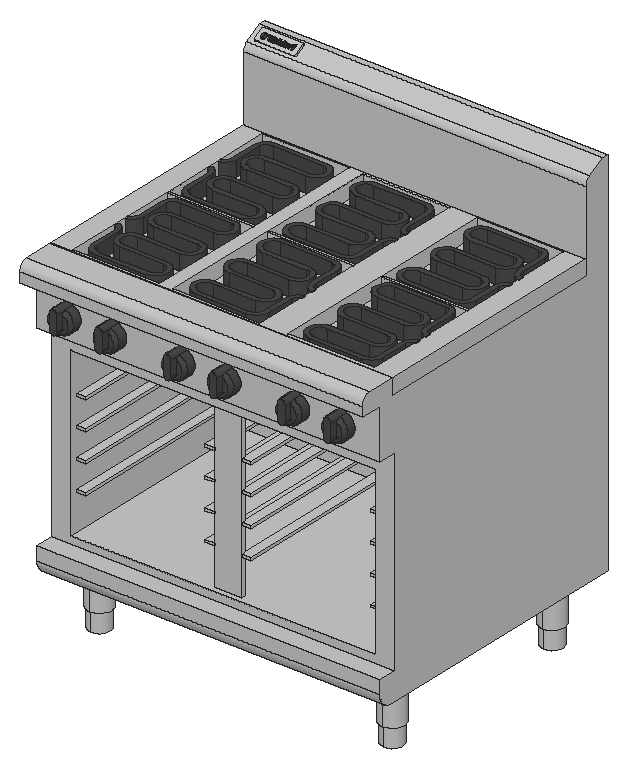
Revit family "QF_MOFFAT WALDORF_RN8600E-CB", category Specialty Equipment, Revit 2012 (continued)
Automatic sketch dimensions
  Extrusion 12 sketch curve to plane 6 "TOP" = 306.0 mm
  plane 4 "RIGHT" to Extrusion 12 sketch curve = 100.0 mm
  Extrusion 12 sketch curve to Extrusion 12 sketch curve = 10.0 mm
  Extrusion 12 sketch curve to plane 6 "TOP" = 344.997 mm
  Revolve 13 sketch curve to plane 5 "FRONT" = 12.0 mm
  Revolve 13 sketch curve to Revolve 13 sketch curve = 0.0 mm  (x2)
  Revolve 13 sketch curve to Revolve 13 sketch curve = 11.0 mm
  Revolve 13 sketch curve to Revolve 13 sketch curve = 12.7 mm
  Revolve 13 sketch curve to Revolve 13 sketch curve = 23.0 mm
  Revolve 13 sketch curve to Revolve 13 sketch curve = 10.0 mm
  Revolve 13 sketch curve to plane 6 "TOP" = 300.627 mm
  Revolve 13 sketch curve to plane 6 "TOP" = 306.475 mm
  Revolve 13 sketch curve to plane 6 "TOP" = 328.127 mm
  Revolve 13 sketch curve to plane 6 "TOP" = 333.127 mm
  Extrusion 14 sketch curve to plane 6 "TOP" = 306.0 mm
  plane 4 "RIGHT" to Extrusion 14 sketch curve = 200.0 mm
  Extrusion 14 sketch curve to Extrusion 14 sketch curve = 10.0 mm
  Extrusion 14 sketch curve to plane 6 "TOP" = 345.0 mm
  Extrusion 1 to Split face 2 sketch curve = 5.177 mm
  Split face 2 sketch curve to Extrusion 1 = 9.153 mm
  Split face 2 sketch curve to Extrusion 1 = 204.563 mm
  Split face 2 sketch curve to Split face 2 sketch curve = 20.0 mm
  Extrusion 1 to Split face 3 sketch curve = 5.177 mm
  Split face 3 sketch curve to Extrusion 1 = 9.153 mm
  Split face 3 sketch curve to Extrusion 1 = 254.563 mm
  Split face 3 sketch curve to Split face 3 sketch curve = 20.0 mm
  Extrusion 1 to Split face 4 sketch curve = 5.177 mm
  Split face 4 sketch curve to Extrusion 1 = 9.153 mm
  Split face 4 sketch curve to Extrusion 1 = 304.563 mm
  Split face 4 sketch curve to Split face 4 sketch curve = 20.0 mm
  Extrusion 1 to Split face 5 sketch curve = 5.177 mm
  Split face 5 sketch curve to Extrusion 1 = 9.153 mm
  Split face 5 sketch curve to Extrusion 1 = 354.563 mm
  Split face 5 sketch curve to Split face 5 sketch curve = 20.0 mm
  Extrusion 1 to Split face 6 sketch curve = 5.177 mm
  Split face 6 sketch curve to Extrusion 1 = 9.153 mm
  Split face 6 sketch curve to Extrusion 1 = 404.563 mm
  Split face 6 sketch curve to Split face 6 sketch curve = 20.0 mm
  Extrusion 1 to Split face 7 sketch curve = 5.177 mm
  Split face 7 sketch curve to Extrusion 1 = 9.153 mm
  Split face 7 sketch curve to Extrusion 1 = 445.437 mm
  Split face 7 sketch curve to Split face 7 sketch curve = 20.0 mm
  Extrusion 1 to Split face 8 sketch curve = 5.177 mm
  Split face 8 sketch curve to Extrusion 1 = 9.153 mm
  Split face 8 sketch curve to Extrusion 1 = 395.437 mm
  Split face 8 sketch curve to Split face 8 sketch curve = 20.0 mm
  Extrusion 1 to Split face 9 sketch curve = 5.177 mm
  Split face 9 sketch curve to Extrusion 1 = 9.153 mm
  Split face 9 sketch curve to Extrusion 1 = 345.437 mm
  Split face 9 sketch curve to Split face 9 sketch curve = 20.0 mm
  Extrusion 1 to Split face 10 sketch curve = 5.177 mm
  Split face 10 sketch curve to Extrusion 1 = 9.153 mm
  Split face 10 sketch curve to Extrusion 1 = 295.437 mm
  Split face 10 sketch curve to Split face 10 sketch curve = 20.0 mm
  Extrusion 1 to Split face 11 sketch curve = 5.177 mm
  Split face 11 sketch curve to Extrusion 1 = 9.153 mm
  Split face 11 sketch curve to Extrusion 1 = 245.437 mm
  Split face 11 sketch curve to Split face 11 sketch curve = 20.0 mm
  Extrusion 1 to Split face 12 sketch curve = 5.177 mm
  Split face 12 sketch curve to Extrusion 1 = 9.153 mm
  Split face 12 sketch curve to Extrusion 1 = 195.437 mm
  Split face 12 sketch curve to Split face 12 sketch curve = 20.0 mm
  Extrusion 15 sketch curve to Extrusion 1 = 0.0 mm  (x2)
  Extrusion 1 to Extrusion 15 sketch curve = 0.0 mm
  Extrusion 15 sketch curve to Extrusion 1 = 6.75 mm  (x3)
  Extrusion 15 sketch curve to Extrusion 15 sketch curve = 306.95 mm
  Extrusion 1 to Extrusion 15 sketch curve = 54.0 mm  (x2)
  Extrusion 15 sketch curve to Extrusion 15 sketch curve = 0.0 mm  (x6)
  Extrusion 15 sketch curve to Extrusion 15 sketch curve = 7.6 mm  (x3)
  Extrusion 1 to Extrusion 15 sketch curve = 6.75 mm  (x3)
  Extrusion 1 to Extrusion 15 sketch curve = 1.0 mm
  Extrusion 15 sketch curve to Extrusion 15 sketch curve = 228.75 mm  (x3)
  Extrusion 15 sketch curve to Extrusion 15 sketch curve = 34.5 mm
  Extrusion 15 sketch curve to Extrusion 15 sketch curve = 71.25 mm  (x2)
  Extrusion 16 sketch curve to Extrusion 16 sketch curve = 0.0 mm  (x104)
  Extrusion 1 to Extrusion 16 sketch curve = 20.503 mm  (x3)
  Extrusion 16 sketch curve to Extrusion 16 sketch curve = 11.997 mm  (x6)
  Extrusion 16 sketch curve to Extrusion 16 sketch curve = 19.532 mm  (x6)
  Extrusion 16 sketch curve to Extrusion 16 sketch curve = 0.24 mm  (x6)
  Extrusion 16 sketch curve to Extrusion 16 sketch curve = 0.931 mm  (x10)
  Extrusion 16 sketch curve to Extrusion 16 sketch curve = 0.01 mm  (x6)
  Extrusion 16 sketch curve to Extrusion 16 sketch curve = 21.7 mm  (x30)
  Extrusion 16 sketch curve to Extrusion 16 sketch curve = 0.002 mm  (x6)
  Extrusion 16 sketch curve to Extrusion 16 sketch curve = 70.811 mm  (x6)
  Extrusion 16 sketch curve to Extrusion 16 sketch curve = 0.447 mm  (x6)
  Extrusion 16 sketch curve to Extrusion 16 sketch curve = 0.12 mm  (x6)
  Extrusion 16 sketch curve to Extrusion 16 sketch curve = 19.01 mm  (x6)
  Extrusion 16 sketch curve to Extrusion 16 sketch curve = 12.303 mm  (x6)
  Extrusion 16 sketch curve to Extrusion 16 sketch curve = 21.593 mm  (x6)
  Extrusion 16 sketch curve to Extrusion 16 sketch curve = 12.315 mm  (x6)
  Extrusion 16 sketch curve to Extrusion 16 sketch curve = 18.52 mm  (x6)
  Extrusion 16 sketch curve to Extrusion 16 sketch curve = 0.133 mm  (x6)
  Extrusion 16 sketch curve to Extrusion 16 sketch curve = 0.5 mm  (x2)
  Extrusion 16 sketch curve to Extrusion 16 sketch curve = 19.152 mm  (x4)
  Extrusion 16 sketch curve to Extrusion 16 sketch curve = 20.704 mm  (x8)
  Extrusion 16 sketch curve to Extrusion 16 sketch curve = 0.239 mm  (x6)
  Extrusion 16 sketch curve to Extrusion 16 sketch curve = 16.003 mm  (x3)
  Extrusion 1 to Extrusion 16 sketch curve = 48.333 mm  (x2)
  Extrusion 1 to Extrusion 16 sketch curve = 48.512 mm  (x2)
  Extrusion 16 sketch curve to Extrusion 16 sketch curve = 0.004 mm  (x2)
  Extrusion 16 sketch curve to Extrusion 16 sketch curve = 5.484 mm  (x2)
  Extrusion 16 sketch curve to Extrusion 16 sketch curve = 5.667 mm  (x2)
  Extrusion 16 sketch curve to Extrusion 16 sketch curve = 20.701 mm  (x4)
  Extrusion 16 sketch curve to Extrusion 16 sketch curve = 0.001 mm  (x6)
  Extrusion 16 sketch curve to Extrusion 16 sketch curve = 41.7 mm  (x2)
  Extrusion 16 sketch curve to Extrusion 16 sketch curve = 20.999 mm
  Extrusion 16 sketch curve to Extrusion 16 sketch curve = 112.6 mm  (x5)
  Extrusion 16 sketch curve to Extrusion 16 sketch curve = 130.8 mm  (x2)
  Extrusion 16 sketch curve to Extrusion 16 sketch curve = 19.862 mm  (x4)
  Extrusion 16 sketch curve to Extrusion 16 sketch curve = 0.032 mm  (x2)
  Extrusion 16 sketch curve to Extrusion 16 sketch curve = 19.894 mm  (x2)
  Extrusion 16 sketch curve to Extrusion 16 sketch curve = 0.226 mm  (x4)
  Extrusion 16 sketch curve to Extrusion 16 sketch curve = 0.258 mm  (x4)
  Extrusion 16 sketch curve to Extrusion 16 sketch curve = 0.879 mm  (x8)
  Extrusion 16 sketch curve to Extrusion 16 sketch curve = 14.293 mm
  Extrusion 16 sketch curve to Extrusion 16 sketch curve = 133.7 mm
  Extrusion 16 sketch curve to Extrusion 16 sketch curve = 133.693 mm  (x2)
  Extrusion 1 sketch curve to plane 5 "FRONT" = 0.0 mm
  Extrusion 1 sketch curve to plane 10 = 0.0 mm
  Extrusion 1 sketch curve to plane 6 "TOP" = 0.0 mm
  Extrusion 1 sketch curve to plane 1 "BACK" = 0.0 mm
  Extrusion 1 sketch curve to plane 5 "FRONT" = 24.0 mm
  Extrusion 1 sketch curve to plane 5 "FRONT" = 56.0 mm  (x2)
  Extrusion 1 sketch curve to Extrusion 1 sketch curve = 44.0 mm
  plane 1 "BACK" to Extrusion 1 sketch curve = 70.0 mm
  Extrusion 1 sketch curve to plane 6 "TOP" = 24.369 mm
  Extrusion 1 sketch curve to Extrusion 1 sketch curve = 11.291 mm
  Extrusion 1 sketch curve to Extrusion 1 sketch curve = 22.582 mm
  Extrusion 1 sketch curve to Extrusion 1 sketch curve = 16.5 mm
  Extrusion 1 sketch curve to plane 10 = 40.0 mm
  Extrusion 1 sketch curve to Extrusion 1 sketch curve = 25.0 mm
  Extrusion 1 sketch curve to Extrusion 1 sketch curve = 131.0 mm
  Extrusion 1 sketch curve to Extrusion 1 sketch curve = 38.0 mm
  Extrusion 1 sketch curve to Extrusion 1 sketch curve = 34.5 mm
  Revolve 17 sketch curve to plane 9 "Base Height" = 0.0 mm
  Revolve 17 sketch curve to level = 0.0 mm
  level to Revolve 17 sketch curve = 50.0 mm
  plane 1 "BACK" to Revolve 17 sketch curve = 131.75 mm
  Revolve 17 sketch curve to Revolve 17 sketch curve = 4.25 mm
  Revolve 17 sketch curve to Revolve 17 sketch curve = 27.5 mm  (x2)
  Revolve 17 sketch curve to Revolve 17 sketch curve = 55.0 mm
  Revolve 17 sketch curve to Revolve 17 sketch curve = 0.0 mm
  Revolve 18 sketch curve to plane 9 "Base Height" = 0.0 mm
  Revolve 18 sketch curve to level = 0.0 mm
  level to Revolve 18 sketch curve = 50.0 mm
  Revolve 18 sketch curve to plane 5 "FRONT" = 148.25 mm
  Revolve 18 sketch curve to Revolve 18 sketch curve = 4.25 mm
  Revolve 18 sketch curve to Revolve 18 sketch curve = 27.5 mm  (x2)
  Revolve 18 sketch curve to Revolve 18 sketch curve = 55.0 mm
  Revolve 18 sketch curve to Revolve 18 sketch curve = 0.0 mm
  Revolve 19 sketch curve to plane 9 "Base Height" = 0.0 mm
  Revolve 19 sketch curve to level = 0.0 mm
  level to Revolve 19 sketch curve = 50.0 mm
  plane 1 "BACK" to Revolve 19 sketch curve = 131.75 mm
  Revolve 19 sketch curve to Revolve 19 sketch curve = 4.25 mm
  Revolve 19 sketch curve to Revolve 19 sketch curve = 27.5 mm  (x2)
  Revolve 19 sketch curve to Revolve 19 sketch curve = 0.0 mm
  Revolve 19 sketch curve to Revolve 19 sketch curve = 55.0 mm
  Revolve 20 sketch curve to plane 9 "Base Height" = 0.0 mm
  Revolve 20 sketch curve to level = 0.0 mm
  level to Revolve 20 sketch curve = 50.0 mm
  Revolve 20 sketch curve to plane 5 "FRONT" = 148.25 mm
  Revolve 20 sketch curve to Revolve 20 sketch curve = 4.25 mm
  Revolve 20 sketch curve to Revolve 20 sketch curve = 27.5 mm  (x2)
  Revolve 20 sketch curve to Revolve 20 sketch curve = 0.0 mm
  Revolve 20 sketch curve to Revolve 20 sketch curve = 55.0 mm
  plane 1 "BACK" to Extrusion 1 sketch curve = 130.5 mm
  Extrusion 1 sketch curve to plane 9 "Base Height" = 0.0 mm
  Extrusion 1 to Extrusion 21 sketch curve = 900.0 mm
  Extrusion 21 sketch curve to Extrusion 1 = 0.0 mm  (x2)
  Extrusion 1 to Extrusion 21 sketch curve = 20.0 mm
  Extrusion 1 to Extrusion 21 sketch curve = 850.0 mm
  Extrusion 21 sketch curve to Extrusion 21 sketch curve = 800.0 mm
  Extrusion 21 sketch curve to Extrusion 21 sketch curve = 50.0 mm
  Extrusion 1 to Extrusion 21 sketch curve = 55.0 mm
  plane 4 "RIGHT" to Extrusion 22 sketch curve = 75.503 mm
  Extrusion 22 sketch curve to Extrusion 22 sketch curve = 81.0 mm
  Extrusion 22 sketch curve to Extrusion 22 sketch curve = 48.5 mm  (x2)
  Extrusion 22 sketch curve to plane 1 "BACK" = 30.24 mm
  plane 1 "BACK" to Extrusion 22 sketch curve = 38.76 mm
  Extrusion 1 to Extrusion 24 sketch curve = 116.25 mm  (x3)
  Extrusion 24 sketch curve to Extrusion 24 sketch curve = 0.0 mm  (x6)
  Extrusion 1 to Extrusion 24 sketch curve = 50.0 mm  (x4)
  Extrusion 24 sketch curve to Extrusion 24 sketch curve = 6.35 mm  (x16)
  Extrusion 24 sketch curve to Extrusion 24 sketch curve = 68.65 mm  (x12)
  Extrusion 24 sketch curve to Extrusion 24 sketch curve = 25.0 mm  (x16)
  Extrusion 24 sketch curve to Extrusion 24 sketch curve = 314.5 mm
  Extrusion 24 sketch curve to Extrusion 24 sketch curve = 71.0 mm  (x4)
  Extrusion 1 to Extrusion 24 sketch curve = 75.0 mm  (x2)
  Extrusion 1 to Extrusion 23 sketch curve = 20.0 mm
  Extrusion 1 to Extrusion 23 sketch curve = 55.0 mm
  Extrusion 1 to Extrusion 23 sketch curve = 414.5 mm
  Extrusion 23 sketch curve to Extrusion 23 sketch curve = 71.0 mm
  radius of Extrusion 4 sketch curve = 13.5 mm
  radius of Extrusion 25 sketch curve = 6.35 mm
Nested families
  nested 1: "WALDORF LOGO" at (12.5, -36.099, 1102.127), visible <- "Show Logo", type "WALDORF LOGO", detail levels medium+fine
    with Type Mark "", Status "", Specification by User "", Show Logo yes, Revision Code "", Item Number "", Installed By "", Identify Quantity as Lot yes, Furnished By "", Foodservice Equipment Identifier yes
  nested 2: "RN8600E-CB-CASTERS" at (65, -100, 0), Show Casters <- "Show Casters", visible <- "Show Casters", type "RN8600E-CB-CASTERS"
    with Type Mark "", Status "", Specification by User "", Show Casters no, Revision Code "", Item Number "", Installed By "", Identify Quantity as Lot yes, Furnished By "", Foodservice Equipment Identifier yes
  nested 3: "RN8600E-CB-CASTERS" at (835, -100, 0), Show Casters <- "Show Casters", visible <- "Show Casters", type "RN8600E-CB-CASTERS"
    with Type Mark "", Status "", Specification by User "", Show Casters no, Revision Code "", Item Number "", Installed By "", Identify Quantity as Lot yes, Furnished By "", Foodservice Equipment Identifier yes
Connectors
  electrical at (756.276, -38.687, 708.4), driven by "Volts", driven by "Watts"
    settings: on Extrusion 25, index 1, voltage 415 V, apparent load 14400 VA, apparent load phase1 0 VA, apparent load phase2 0 VA, apparent load phase3 0 VA, power factor 1, load classification "Other", number of poles 1, system type 30, power factor state 1, is connector primary yes, connector utility no, sub classification motor no, connector description "ELECTRICAL CONNECTION"
Definition of nested family "WALDORF LOGO"
  Parameters (values of type "BT8300-CB-LOGO")
    Weight in Pounds = 0
    URL Cutsheet = ""
    Type Mark [instance] = ""
    Status [instance] = ""
    Specification by User [instance] = ""
    Specification by Manufacturer = ""
    Show Logo [instance] = yes
    Serial Number = ""
    Seismic Rating = ""
    SMACNA No = ""
    Revision Code [instance] = ""
    Omniclass Number and Title = ""
    NAFEM Spec ID Number = ""
    Masterspec = ""
    Item Number [instance] = ""
    Installed By [instance] = ""
    Identify Quantity as Lot [instance] = yes
    Furnished By [instance] = ""
    Foodservice Equipment Identifier [instance] = yes
    CSI MasterFormat = ""
    CSI Master Format = ""
  Reference planes
    plane 1 "BACK": y = 0
    plane 2: z = 0
    plane 3 "LEFT": x = 0
    plane 4 "RIGHT": x = 109
    plane 5 "FRONT": y = -1.588
    plane 6 "TOP": z = 34.14
    plane 7 "Center Y": x = 54.5
    plane 8 "Center X": y = -0.794
  Forms (mm)
    Extrusion 1, solid, material "QF_Finishes_Stainless Steel", visible <- "Show Logo"
      sketch origin (0, -15.16, 7.701) x (1, 0, 0) y (0, 0.863373, 0.504566)
        loop
          arc (5, 34.14) -> (1.464, 32.676) -> (0, 29.14) r 5
          line (0, 29.14) -> (0, 5)
          arc (0, 5) -> (1.464, 1.464) -> (5, 0) r 5
          line (5, 0) -> (104, 0)
          arc (104, 0) -> (107.536, 1.464) -> (109, 5) r 5
          line (109, 5) -> (109, 29.14)
          arc (109, 29.14) -> (107.536, 32.676) -> (104, 34.14) r 5
          line (104, 34.14) -> (5, 34.14)
      from 0 to 1.588
    Extrusion 2, solid, material "QF_Finishes_Black", visible <- "Show Logo"
      sketch origin (0, -15.961, 9.072) x (1, 0, 0) y (0, 0.863373, 0.504566)
        loop
          line (24.772, 23.214) -> (27.992, 10.301) -> (31.551, 10.301) -> (33.443, 17.364) -> (35.205, 10.301) -> (39.332, 10.301) -> (42.077, 23.214) -> (38.352, 23.214) -> (36.676, 15.33) -> (35, 23.214) -> (31.752, 23.214) -> (30.076, 15.33) -> (28.4, 23.214) -> (24.772, 23.214)
        loop
          line (42.272, 17.055) -> (45.703, 17.055)
          spline (45.703, 17.055) -> (45.741, 17.285) -> (45.852, 17.499) -> (46.028, 17.682) -> (46.258, 17.823) -> (46.526, 17.912) -> (46.813, 17.942) -> (47.1, 17.912) -> (47.368, 17.823) -> (47.597, 17.682) -> (47.774, 17.499) -> (47.884, 17.285) -> (47.922, 17.055)
          line (47.922, 17.055) -> (47.922, 16.222)
          arc (47.922, 16.222) -> (45.742, 16.014) -> (43.665, 15.317) r 9.604
          arc (43.665, 15.317) -> (41.924, 12.809) -> (43.665, 10.301) r 2.677
          arc (43.665, 10.301) -> (45.527, 10.353) -> (47.332, 10.816) r 8.365
          line (47.332, 10.816) -> (48.092, 11.105) -> (48.092, 10.301) -> (51.817, 10.301) -> (51.817, 17.055)
          spline (51.817, 17.055) -> (51.654, 17.821) -> (51.178, 18.535) -> (50.419, 19.148) -> (49.431, 19.619) -> (48.28, 19.914) -> (47.044, 20.015) -> (45.809, 19.914) -> (44.658, 19.619) -> (43.67, 19.148) -> (42.911, 18.535) -> (42.434, 17.821) -> (42.272, 17.055)
        loop
          line (53.151, 23.214) -> (53.151, 10.301) -> (57.37, 10.301) -> (57.37, 23.214) -> (53.151, 23.214)
        loop
          line (64.874, 23.214) -> (64.874, 18.857)
          arc (64.874, 18.857) -> (58.083, 15.11) -> (64.874, 11.363) r 4.429
          line (64.874, 11.363) -> (64.874, 10.301) -> (68.378, 10.301) -> (68.378, 23.214) -> (64.874, 23.214)
        loop
          arc (64.874, 16.083) -> (61.41, 14.987) -> (64.874, 13.891) r 1.905
          line (64.874, 13.891) -> (64.874, 16.083)
        loop
          circle (74.623, 15.223) r 5
        loop
          spline (74.623, 17.856) -> (74.355, 17.766) -> (74.105, 17.503) -> (73.891, 17.084) -> (73.726, 16.539) -> (73.623, 15.904) -> (73.588, 15.223) -> (73.623, 14.541) -> (73.726, 13.906) -> (73.891, 13.361) -> (74.105, 12.942) -> (74.355, 12.679) -> (74.623, 12.59)
          spline (74.623, 12.59) -> (74.891, 12.679) -> (75.141, 12.942) -> (75.355, 13.361) -> (75.52, 13.906) -> (75.623, 14.541) -> (75.659, 15.223) -> (75.623, 15.904) -> (75.52, 16.539) -> (75.355, 17.084) -> (75.141, 17.503) -> (74.891, 17.766) -> (74.623, 17.856)
        loop
          line (81.255, 19.813) -> (81.255, 10.301) -> (84.834, 10.301) -> (84.834, 14.176)
          arc (84.834, 14.176) -> (85.854, 16.093) -> (88.013, 16.32) r 2.313
          line (88.013, 16.32) -> (88.013, 19.813) -> (87.161, 19.813)
          arc (87.161, 19.813) -> (85.526, 19.266) -> (84.549, 17.844) r 2.717
          line (84.549, 17.844) -> (84.549, 19.813) -> (81.255, 19.813)
        loop
          line (90.249, 19.813) -> (88.91, 19.813) -> (88.91, 17.614) -> (90.249, 17.614) -> (90.249, 10.301) -> (93.998, 10.301) -> (93.998, 17.614) -> (95.418, 17.614) -> (95.418, 19.813) -> (93.998, 19.813)
          arc (93.998, 19.813) -> (94.414, 20.817) -> (95.418, 21.233) r 1.42
          line (95.418, 21.233) -> (95.418, 23.602) -> (93.317, 23.602)
          arc (93.317, 23.602) -> (91.343, 22.903) -> (90.249, 21.118) r 3.137
          line (90.249, 21.118) -> (90.249, 19.813)
        loop
          arc (15.241, 23.571) -> (8.392, 16.525) -> (15.241, 9.479) r 7.049
          line (15.241, 9.479) -> (15.241, 23.571)
        loop
          line (15.641, 23.571) -> (15.641, 9.479)
          arc (15.641, 9.479) -> (22.49, 16.525) -> (15.641, 23.571) r 7.049
        loop
          arc (47.922, 14.711) -> (46.266, 13.749) -> (47.922, 12.787) r 1.107
          line (47.922, 12.787) -> (47.922, 14.711)
      from 0 to 0.2
  Dimensions and locks
    equal spacing: plane 3 "LEFT", plane 7 "Center Y", plane 4 "RIGHT"
    plane 3 "LEFT" to plane 4 "RIGHT" = 109.0 mm
    equal spacing: plane 5 "FRONT", plane 8 "Center X", plane 1 "BACK"
    plane 5 "FRONT" to plane 1 "BACK" = 1.588 mm
    aligned and locked: level to plane 2
  Automatic sketch dimensions
    Extrusion 1 sketch curve to plane 3 "LEFT" = 0.0 mm
    Extrusion 1 sketch curve to plane 4 "RIGHT" = 0.0 mm
    plane 3 "LEFT" to Extrusion 1 sketch curve = 5.0 mm  (x2)
    plane 4 "RIGHT" to Extrusion 1 sketch curve = 5.0 mm  (x2)
    Extrusion 1 sketch curve to Extrusion 1 sketch curve = 24.14 mm
    Extrusion 2 sketch curve to Extrusion 2 sketch curve = 0.0 mm  (x14)
    Extrusion 2 sketch curve to Extrusion 1 = 15.241 mm
    Extrusion 2 sketch curve to Extrusion 2 sketch curve = 0.2 mm
    Extrusion 2 sketch curve to Extrusion 2 sketch curve = 0.4 mm
    Extrusion 2 sketch curve to Extrusion 2 sketch curve = 9.131 mm
    Extrusion 2 sketch curve to Extrusion 1 = 10.301 mm  (x2)
    Extrusion 2 sketch curve to Extrusion 2 sketch curve = 12.351 mm
    Extrusion 2 sketch curve to Extrusion 2 sketch curve = 3.628 mm
    Extrusion 2 sketch curve to Extrusion 2 sketch curve = 2.084 mm
    Extrusion 2 sketch curve to Extrusion 2 sketch curve = 3.559 mm
    Extrusion 2 sketch curve to Extrusion 1 = 10.926 mm  (x2)
    Extrusion 2 sketch curve to Extrusion 2 sketch curve = 3.352 mm  (x2)
    Extrusion 2 sketch curve to Extrusion 2 sketch curve = 3.367 mm
    Extrusion 2 sketch curve to Extrusion 2 sketch curve = 3.249 mm
    Extrusion 2 sketch curve to Extrusion 2 sketch curve = 3.654 mm
    Extrusion 2 sketch curve to Extrusion 1 = 15.33 mm
    Extrusion 2 sketch curve to Extrusion 2 sketch curve = 3.233 mm
    Extrusion 2 sketch curve to Extrusion 2 sketch curve = 4.128 mm
    Extrusion 2 sketch curve to Extrusion 2 sketch curve = 3.725 mm
    Extrusion 2 sketch curve to Extrusion 2 sketch curve = 5.596 mm
    Extrusion 2 sketch curve to Extrusion 2 sketch curve = 4.333 mm
    Extrusion 2 sketch curve to Extrusion 2 sketch curve = 1.394 mm
    Extrusion 2 sketch curve to Extrusion 2 sketch curve = 2.092 mm
    Extrusion 2 sketch curve to Extrusion 2 sketch curve = 0.936 mm
    Extrusion 2 sketch curve to Extrusion 2 sketch curve = 1.34 mm
    Extrusion 2 sketch curve to Extrusion 2 sketch curve = 1.109 mm
    Extrusion 2 sketch curve to Extrusion 2 sketch curve = 0.232 mm
    Extrusion 2 sketch curve to Extrusion 2 sketch curve = 2.731 mm
    Extrusion 2 sketch curve to Extrusion 2 sketch curve = 0.549 mm  (x2)
    Extrusion 2 sketch curve to Extrusion 2 sketch curve = 0.407 mm
    Extrusion 2 sketch curve to Extrusion 2 sketch curve = 0.76 mm
    Extrusion 2 sketch curve to Extrusion 2 sketch curve = 1.334 mm
    Extrusion 2 sketch curve to Extrusion 2 sketch curve = 4.219 mm
    Extrusion 2 sketch curve to Extrusion 2 sketch curve = 5.142 mm
    Extrusion 2 sketch curve to Extrusion 2 sketch curve = 0.803 mm
    Extrusion 2 sketch curve to Extrusion 2 sketch curve = 1.558 mm
    Extrusion 2 sketch curve to Extrusion 2 sketch curve = 3.504 mm
    Extrusion 2 sketch curve to Extrusion 2 sketch curve = 6.245 mm
    Extrusion 2 sketch curve to Extrusion 2 sketch curve = 6.632 mm
    Extrusion 2 sketch curve to Extrusion 2 sketch curve = 3.294 mm
    Extrusion 2 sketch curve to Extrusion 2 sketch curve = 3.579 mm
    Extrusion 2 sketch curve to Extrusion 2 sketch curve = 2.313 mm
    Extrusion 2 sketch curve to Extrusion 2 sketch curve = 2.612 mm
    Extrusion 2 sketch curve to Extrusion 2 sketch curve = 0.852 mm
    Extrusion 2 sketch curve to Extrusion 2 sketch curve = 0.897 mm
    Extrusion 2 sketch curve to Extrusion 2 sketch curve = 3.102 mm
    Extrusion 2 sketch curve to Extrusion 2 sketch curve = 1.338 mm
    Extrusion 2 sketch curve to Extrusion 2 sketch curve = 3.068 mm
    Extrusion 2 sketch curve to Extrusion 2 sketch curve = 0.681 mm
    Extrusion 2 sketch curve to Extrusion 2 sketch curve = 3.749 mm
    Extrusion 2 sketch curve to Extrusion 2 sketch curve = 1.42 mm
    Extrusion 2 sketch curve to Extrusion 2 sketch curve = 5.029 mm  (x2)
    Extrusion 2 sketch curve to Extrusion 1 = 9.479 mm
    Extrusion 2 sketch curve to Extrusion 2 sketch curve = 3.681 mm
    Extrusion 2 sketch curve to Extrusion 2 sketch curve = 0.515 mm
    Extrusion 2 sketch curve to Extrusion 2 sketch curve = 0.804 mm
    Extrusion 2 sketch curve to Extrusion 2 sketch curve = 1.062 mm
    Extrusion 2 sketch curve to Extrusion 2 sketch curve = 1.682 mm
    Extrusion 2 sketch curve to Extrusion 2 sketch curve = 2.508 mm
    Extrusion 2 sketch curve to Extrusion 2 sketch curve = 0.962 mm
    Extrusion 2 sketch curve to Extrusion 2 sketch curve = 2.528 mm
    Extrusion 2 sketch curve to Extrusion 2 sketch curve = 3.875 mm
    Extrusion 2 sketch curve to Extrusion 2 sketch curve = 1.096 mm
    Extrusion 2 sketch curve to Extrusion 2 sketch curve = 0.123 mm
    Extrusion 2 sketch curve to Extrusion 2 sketch curve = 4.922 mm
    Extrusion 2 sketch curve to Extrusion 2 sketch curve = 7.046 mm
    Extrusion 2 sketch curve to Extrusion 2 sketch curve = 0.833 mm
    Extrusion 2 sketch curve to Extrusion 2 sketch curve = 0.776 mm
    Extrusion 2 sketch curve to Extrusion 2 sketch curve = 2.034 mm
    Extrusion 2 sketch curve to Extrusion 2 sketch curve = 7.314 mm
    Extrusion 2 sketch curve to Extrusion 2 sketch curve = 1.295 mm
    Extrusion 2 sketch curve to Extrusion 2 sketch curve = 0.749 mm
    Extrusion 2 sketch curve to Extrusion 2 sketch curve = 2.633 mm
    Extrusion 2 sketch curve to Extrusion 2 sketch curve = 2.198 mm  (x2)
    Extrusion 2 sketch curve to Extrusion 2 sketch curve = 1.968 mm
    Extrusion 2 sketch curve to Extrusion 2 sketch curve = 0.653 mm
    Extrusion 2 sketch curve to Extrusion 2 sketch curve = 1.305 mm
    Extrusion 2 sketch curve to Extrusion 2 sketch curve = 4.357 mm
    Extrusion 2 sketch curve to Extrusion 2 sketch curve = 6.159 mm
    radius of Extrusion 2 sketch curve = 5.0 mm
Definition of nested family "RN8600E-CB-CASTERS"
  Parameters (values of type "BTL8450-CB-CASTERS")
    Weight = ""
    URL Manufacturer = ""
    URL Cutsheet = ""
    URL = ""
    Type Mark [instance] = ""
    Status [instance] = ""
    Specification by User [instance] = ""
    Specification by Manufacturer = ""
    Show Casters [instance] = no
    Serial Number = ""
    Seismic Rating = ""
    SMACNA No = ""
    Revision Code [instance] = ""
    Omniclass Number and Title = ""
    NAFEM Spec ID Number = ""
    Model = ""
    MasterSpec. = ""
    Manufacturer = ""
    Item Number [instance] = ""
    Installed By [instance] = ""
    Identify Quantity as Lot [instance] = yes
    Furnished By [instance] = ""
    Foodservice Equipment Identifier [instance] = yes
    Description = ""
    CSI MasterFormat = ""
    CSI Master Format = ""
    Assembly Code = ""
  Reference planes
    plane 1: z = 0
    plane 2 "RIGHT": x = 0
    plane 3 "FRONT": y = 0
    plane 4 "TOP": z = 177.8
  Forms (mm)
    Revolve 1, solid, material "QF_Finishes_Stainless Steel", visible <- "Show Casters"
      sketch origin (0, 56.335, 0) x (0, 1, 0) y (0, 0, 1)
        loop
          line (-56.335, 152.4) -> (-56.335, 141.118) -> (-23.798, 141.118) -> (-23.798, 152.4) -> (-56.335, 152.4)
        axis (-56.335, 141.118) -> (-56.335, 152.4)
      angle from 0 to 360
    Extrusion 2, solid, material "QF_Finishes_Stainless Steel", visible <- "Show Casters"
      sketch origin (-46.049, 56.335, 0) x (0, 1, 0) y (0, 0, 1)
        loop
          line (-85.799, 141.118) -> (-85.799, 133.498) -> (-82.136, 133.498)
          arc (-82.136, 133.498) -> (-79.344, 132.328) -> (-77.146, 130.248) r 8.432
          line (-77.146, 130.248) -> (-39.502, 49.52)
          arc (-39.502, 49.52) -> (-13.784, 46.107) -> (-5.673, 70.75) r 20.32
          arc (-5.673, 70.75) -> (-7.065, 73.611) -> (-8.887, 76.22) r 20.32
          arc (-8.887, 76.22) -> (-9.399, 85.377) -> (-6.626, 94.119) r 25.4
          line (-6.626, 94.119) -> (8.003, 121.632)
          arc (8.003, 121.632) -> (-2.347, 126.31) -> (-13.34, 129.167) r 66.802
          line (-13.34, 129.167) -> (-13.765, 133.498) -> (-26.871, 133.498) -> (-26.871, 141.118) -> (-85.799, 141.118)
      from 20.058 to 22.923
    Extrusion 3, solid, material "QF_Finishes_Stainless Steel", visible <- "Show Casters"
      sketch origin (3.326, 56.335, 0) x (0, 1, 0) y (0, 0, 1)
        loop
          line (-85.799, 141.118) -> (-85.799, 133.498) -> (-82.136, 133.498)
          arc (-82.136, 133.498) -> (-79.344, 132.328) -> (-77.146, 130.248) r 8.432
          line (-77.146, 130.248) -> (-39.502, 49.52)
          arc (-39.502, 49.52) -> (-13.784, 46.107) -> (-5.673, 70.75) r 20.32
          arc (-5.673, 70.75) -> (-7.065, 73.611) -> (-8.887, 76.22) r 20.32
          arc (-8.887, 76.22) -> (-9.399, 85.377) -> (-6.626, 94.119) r 25.4
          line (-6.626, 94.119) -> (8.003, 121.632)
          arc (8.003, 121.632) -> (-2.347, 126.31) -> (-13.34, 129.167) r 66.802
          line (-13.34, 129.167) -> (-13.765, 133.498) -> (-26.871, 133.498) -> (-26.871, 141.118) -> (-85.799, 141.118)
      from 20.058 to 22.923
    Extrusion 4, solid, material "QF_Finishes_Stainless Steel", visible <- "Show Casters"
      sketch origin (-49.224, 56.335, 0) x (0, 1, 0) y (0, 0, 1)
        loop
          line (-85.799, 141.118) -> (-85.799, 133.498) -> (-82.136, 133.498) -> (-18.877, 127.964) -> (7.14, 120.01) -> (8.003, 121.632)
          arc (8.003, 121.632) -> (-2.347, 126.31) -> (-13.34, 129.167) r 66.802
          line (-13.34, 129.167) -> (-13.765, 133.498) -> (-26.871, 133.498) -> (-26.871, 141.118) -> (-85.799, 141.118)
      from 26.098 to 72.56
    Revolve 5, solid, material "QF_Finishes_Stainless Steel", visible <- "Show Casters"
      sketch origin (-49.224, 30.821, 0) x (1, 0, 0) y (0, 0, 1)
        loop
          line (14.841, 63.604) -> (83.584, 63.604) -> (83.584, 67.109) -> (82.314, 68.379) -> (80.79, 68.379) -> (80.79, 71.826) -> (68.644, 71.826) -> (68.644, 81.79) -> (65.088, 83.843) -> (61.683, 104.879) -> (65.881, 104.879) -> (65.881, 111.229) -> (65.088, 111.229) -> (65.088, 117.579)
          arc (65.088, 117.579) -> (62.298, 124.314) -> (55.563, 127.104) r 9.525
          line (55.563, 127.104) -> (42.863, 127.104)
          arc (42.863, 127.104) -> (36.127, 124.314) -> (33.338, 117.579) r 9.525
          line (33.338, 117.579) -> (33.338, 111.229) -> (32.544, 111.229) -> (32.544, 104.879) -> (36.742, 104.879) -> (33.352, 83.932) -> (29.782, 81.871) -> (29.782, 71.826) -> (17.635, 71.826) -> (17.635, 68.379) -> (16.111, 68.379) -> (14.841, 67.109) -> (14.841, 63.604)
        axis (14.841, 63.604) -> (83.584, 63.604)
      angle from 0 to 360
  Cuts and joins
    joined: Extrusion 2, Extrusion 3, Extrusion 4
  Lines and regions (mm)
    symbolic lines, style "SpecialityEquipmentHiddenLines", visible <- "Show Casters"
      curve 1: line (18.009, 67.053, 0) -> (45.595, 51.127, 0)
      curve 2: line (-45.491, -42.932, 0) -> (18.009, 67.053, 0)
      curve 3: line (-17.905, -58.859, 0) -> (-45.491, -42.932, 0)
      curve 4: line (45.595, 51.127, 0) -> (-17.905, -58.859, 0)
  Dimensions and locks
    plane 4 "TOP" to level = 177.8 mm  (x2)
    Revolve 5 sketch curve to Revolve 5 sketch curve = 63.5 mm
    aligned and locked: level to plane 1
